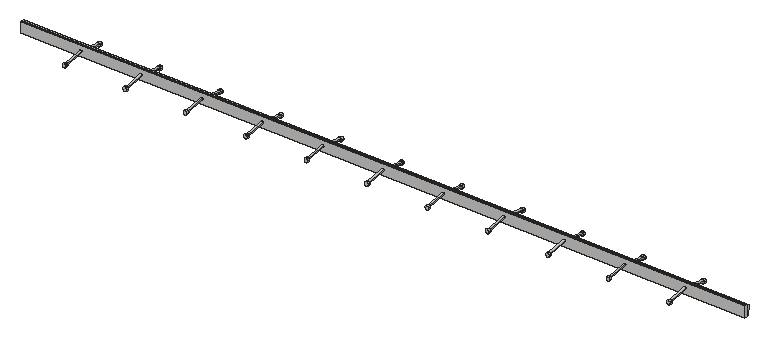
Revit family
Parameters (values of type "Armor-Edge® Joint Assembly")
  Width = 0' - 8 3/4"  # constant formula
  URL = "http://www.pna-inc.com"
  Type Comments = ""
  Product Page URL = "http://www.pna-inc.com/products/armor_edge/"
  Product Documentation Link = "http://www.pna-inc.com/products/armor_edge/PNA%20AE%20Joint%20Assembly%20Apr%2008.pdf"
  Number of Studs [instance] = 11
  Model = "Armor-Edge® Joint Assembly"
  Material = Metal - PNA - Steel
  Manufacturer = "PNA Construction Technologies Inc. "
  Length [instance] = 12' - 0"
  Height = 0' - 2"  # constant formula
  Description = "Armor-Edge® Joint Assembly"
  Assembly Code = "B1010300"
Reference planes (in)
  plane 1 "Center (Front/Back)": y = 0
  plane 2: z = 0
  plane 3 "Center (Left/Right)": x = 0
  plane 4: x = -72
  plane 5: x = 72
  plane 6: y = 4.375
  plane 7: y = -4.375
  plane 8: z = -2
Forms (in)
  Extrusion 1, solid, detail levels coarse
    sketch origin (0, 0, 0) x (1, 0, 0) y (0, 1, 0)
      loop
        line (-72, -4.375) -> (72, -4.375) -> (72, 4.375) -> (-72, 4.375) -> (-72, -4.375)
    from -2 to 0
Lines and regions (in)
  Masking region 1, detail levels coarse
    outline origin (0, 0, 0) x (1, 0, 0) y (0, 1, 0)
      loop
        line (-72, -4.375) -> (72, -4.375) -> (72, 4.375) -> (-72, 4.375) -> (-72, -4.375)
  Masking region 2, detail levels coarse
    outline origin (0, 0, 0) x (1, 0, 0) y (0, 0, 1)
      loop
        line (-72, -2) -> (72, -2) -> (72, 0) -> (-72, 0) -> (-72, -2)
  Masking region 3, detail levels coarse
    outline origin (0, 0, 0) x (0, 1, 0) y (0, 0, 1)
      loop
        line (-4.375, -2) -> (4.375, -2) -> (4.375, 0) -> (-4.375, 0) -> (-4.375, -2)
Dimensions and locks (in)
  "Length": plane 4 to plane 5
  equal spacing: plane 4, plane 3 "Center (Left/Right)", plane 5
  equal spacing: plane 6, plane 1 "Center (Front/Back)", plane 7
  "Width": plane 7 to plane 6
  "Height": plane 2 to plane 8
  aligned and locked: plane 3 "Center (Left/Right)" to nested 1
  aligned and locked: plane 2 to nested 1
  aligned and locked: nested 2 to plane 3 "Center (Left/Right)"
  aligned and locked: nested 2 to plane 2
  aligned and locked: plane 1 "Center (Front/Back)" to nested 2
  aligned and locked: plane 1 "Center (Front/Back)" to nested 1
  aligned and locked: Extrusion 1 sketch curve to plane 4
  aligned and locked: Extrusion 1 sketch curve to plane 6
  aligned and locked: plane 7 to Extrusion 1 sketch curve
  aligned and locked: plane 5 to Extrusion 1 sketch curve
  aligned and locked: plane 8 to Extrusion 1
  aligned and locked: plane 2 to Extrusion 1
  aligned and locked: Masking region 1 sketch curve to plane 4
  aligned and locked: Masking region 1 sketch curve to plane 6
  aligned and locked: plane 7 to Masking region 1 sketch curve
  aligned and locked: plane 5 to Masking region 1 sketch curve
  aligned and locked: Masking region 2 sketch curve to plane 4
  aligned and locked: Masking region 2 sketch curve to plane 2
  aligned and locked: Masking region 2 sketch curve to plane 8
  aligned and locked: plane 5 to Masking region 2 sketch curve
  aligned and locked: plane 8 to Masking region 3 sketch curve
  aligned and locked: plane 6 to Masking region 3 sketch curve
  aligned and locked: Masking region 3 sketch curve to plane 7
  aligned and locked: plane 2 to Masking region 3 sketch curve
Nested families (in)
  nested 1: "AE Beam" at (0, 0, 0), Number of Studs <- "Number of Studs", Length <- "Length", type "Beam"
    with Stud Array Visible yes, Solo Stud Visible no, Number of Studs 11, Length 12' - 0", Actual Number of Studs 11
  nested 2: "AE Beam" at (0, 0, 0), Number of Studs <- "Number of Studs", Length <- "Length", type "Beam"
    with Stud Array Visible yes, Solo Stud Visible no, Number of Studs 11, Length 12' - 0", Actual Number of Studs 11
Definition of nested family "AE Beam"
  Parameters (values of type "Beam")
    URL = ""
    Type Comments = ""
    Stud Spacing = 1' - 0"  # constant formula
    Stud Array Visible [instance] = Number of Studs > 1  # yes
    Solo Stud Visible [instance] = not(Stud Array Visible)  # no
    Material = Metal - PNA - Steel
    Number of Studs [instance] = 4
    Model = ""
    Manufacturer = ""
    Length [instance] = 12' - 0"
    Description = ""
    Assembly Code = ""
    Actual Number of Studs [instance] = if(Number of Studs > 11, 11, if(Number of Studs < 2, 2, Number of Studs))  # 4
  Reference planes (in)
    plane 1 "Center (Front/Back)": y = 0
    plane 2: z = 0
    plane 3 "Center (Left/Right)": x = 0
    plane 4: x = -60
    plane 5: x = -72
    plane 6: x = 72
    plane 7: z = -2
    plane 8: y = -0.375
    plane 9: z = -1
    plane 10: y = -4.375
  Forms (in)
    Extrusion 1, solid, material "Metal - PNA - Steel" <- "Material", detail levels medium+fine
      sketch origin (-18, 0, 0) x (1, 0, 0) y (0, 0, 1)
        loop
          line (-54, 0) -> (-54, -2) -> (90, -2) -> (90, 0) -> (-54, 0)
      from 0 to 0.375
  Lines and regions (in)
    Masking region 1
      outline origin (0, 0, 0) x (1, 0, 0) y (0, 0, 1)
        loop
          line (-72, -2) -> (72, -2) -> (72, 0) -> (-72, 0) -> (-72, -2)
    Masking region 2, detail levels medium+fine
      outline origin (0, 0, 0) x (0, 1, 0) y (0, 0, 1)
        loop
          line (0, -2) -> (0, 0) -> (-0.375, 0) -> (-0.375, -0.79979) -> (-4.375, -1.61335) -> (-4.375, -1.98835) -> (-0.375, -1.17479) -> (-0.375, -2) -> (0, -2)
    Masking region 3, detail levels medium+fine
      outline origin (0, 0, 0) x (1, 0, 0) y (0, 1, 0)
        loop
          line (-72, -0.375) -> (72, -0.375) -> (72, 0) -> (-72, 0) -> (-72, -0.375)
    symbolic lines, detail levels fine
      curve 1: line (0, -0.375, 0) -> (0, -0.375, -2)
  Dimensions and locks (in)
    "Length": plane 5 to plane 6
    locked: plane 2 to plane 7 at 2
    locked: plane 8 to plane 1 "Center (Front/Back)" at 0.375
    locked: plane 5 to plane 4 at 12
    equal spacing: plane 5, plane 3 "Center (Left/Right)", plane 6
    equal spacing: plane 2, plane 9, plane 7
    equal spacing: group 1, group 2, group 3, group 4  (x3)
    "Stud Spacing": plane 4 to nested 2
    locked: plane 10 to plane 8 at 4
    aligned and locked: plane 6 to Extrusion 1
    aligned and locked: plane 5 to Extrusion 1
    aligned and locked: level to Extrusion 1
    aligned and locked: plane 7 to Extrusion 1
    aligned and locked: plane 8 to Extrusion 1
    aligned and locked: Extrusion 1 to plane 1 "Center (Front/Back)"
    aligned and locked: nested 1 to plane 4
    aligned and locked: nested 1 to plane 9
    aligned and locked: plane 8 to nested 1
    aligned and locked: nested 2 to plane 9
    aligned and locked: nested 3 to plane 4
    aligned and locked: plane 8 to nested 3
    aligned and locked: nested 3 to plane 9
    aligned and locked: Masking region 1 sketch curve to plane 5
    aligned and locked: Masking region 1 sketch curve to plane 2
    aligned and locked: Masking region 1 sketch curve to plane 7
    aligned and locked: plane 6 to Masking region 1 sketch curve
    aligned and locked: Masking region 2 sketch curve to Extrusion 1  (x2)
    aligned and locked: level to Masking region 2 sketch curve
    aligned and locked: Masking region 2 sketch curve to nested 3  (x2)
    aligned and locked: Extrusion 1 to Masking region 2 sketch curve
    aligned and locked: nested 3 to Masking region 2 sketch curve
    aligned and locked: Masking region 3 sketch curve to Extrusion 1  (x4)
    aligned and locked: curve 1 to plane 8
    aligned and locked: plane 7 to curve 1
    aligned and locked: plane 2 to curve 1
  Automatic sketch dimensions
    Extrusion 1 sketch curve to level = 0' - 0"
    Extrusion 1 sketch curve to Extrusion 1 sketch curve = 0' - 2"
    plane 4 to Extrusion 1 sketch curve = 1' - 0"
    Extrusion 1 sketch curve to plane 6 = 0' - 0"
    Masking region 2 sketch curve to plane 8 = 0' - 0"
  Nested families (in)
    nested 1: "AE Stud" at (-60, -0.375, -1), visible <- "Stud Array Visible", type "AE Stud"
      with Stud Length 0' - 4"
    nested 2: "AE Stud" at (-48, -0.375, -1), visible <- "Stud Array Visible", type "AE Stud"
      with Stud Length 0' - 4"
    nested 3: "AE Stud-Solo" at (-60, -0.375, -1), visible <- "Solo Stud Visible", type "AE Stud-Solo"
      with Stud Length 0' - 4"
    nested 4: "AE Stud" at (-36, -0.375, -1), visible <- "Stud Array Visible", type "AE Stud"
      with Stud Length 0' - 4"
    nested 5: "AE Stud" at (-24, -0.375, -1), visible <- "Stud Array Visible", type "AE Stud"
      with Stud Length 0' - 4"
  Definition of nested family "AE Stud"
    Parameters (values of type "AE Stud")
      Stud Material = Metal - PNA - Steel
      Stud Length [instance] = 0' - 4"
      Assembly Code = ""
    Reference planes (in)
      plane 1 "Center (Front/Back)": y = 0
      plane 2: z = 0
      plane 3 "Center (Left/Right)": x = 0
      plane 4: x = 0.1875
      plane 5: x = -0.1875
      plane 6: z = -0.75
      plane 7: y = -3.75
      plane 8 "Face of Stud Head": y = -4
      plane 9: x = -0.375
      plane 10: x = 0.375
      plane 11: y = -0.0625
      plane 12: through (0, -0.0625, 0.1875) normal (0, -0.1993, 0.9799)
      plane 13: through (0, -0.0625, -0.1875) normal (0, -0.1993, 0.9799)
    Forms (in)
      Blend 1, solid, material "Metal - PNA - Steel" <- "Stud Material", detail levels medium+fine
        base sketch origin (66.13572, 0.375, 2) x (1, 0, 0) y (0, 0, 1)
          loop
            circle (-66.13572, -2) r 0.1875
        top sketch origin (66.13572, 0.375, 2) x (1, 0, 0) y (0, 0, 1)
          loop
            circle (-66.13572, -2.75) r 0.1875
        from 0.4375 to 4.125
      Extrusion 2, solid, material "Metal - PNA - Steel" <- "Stud Material", detail levels medium+fine
        sketch origin (66.13572, 0.375, 3.81237) x (1, 0, 0) y (0, 0, 1)
          loop
            circle (-66.13572, -4.56237) r 0.375
        from 4.125 to 4.375
      Extrusion 3, solid, material "Metal - PNA - Steel" <- "Stud Material", detail levels medium+fine
        sketch origin (0, 0, 0) x (1, 0, 0) y (0, 0, 1)
          loop
            circle (0, 0) r 0.1875
        from 0 to 0.0625
    Cuts and joins
      joined: Blend 1, Extrusion 2, Extrusion 3
    Lines and regions (in)
      Masking region 1, detail levels medium+fine
        outline origin (0, 0, 0) x (1, 0, 0) y (0, 1, 0)
          loop
            line (-0.375, -4) -> (0.375, -4) -> (0.375, -3.75) -> (0.1875, -3.75) -> (0.1875, 0) -> (-0.1875, 0) -> (-0.1875, -3.75) -> (-0.375, -3.75) -> (-0.375, -4)
      Masking region 2, detail levels medium+fine
        outline origin (0, 0, 0) x (0, 1, 0) y (0, 0, 1)
          loop
            line (0, 0.20021) -> (-3.75, -0.5625) -> (-3.75, -0.375) -> (-4, -0.375) -> (-4, -1.125) -> (-3.75, -1.125) -> (-3.75, -0.9375) -> (0, -0.17479) -> (0, 0.20021)
      Masking region 3, detail levels medium+fine
        outline origin (0, -4, 0) x (0, 0, -1) y (-1, 0, 0)
          loop
            line (0.42524, 0.1875) -> (0, 0.1875)
            arc (0, 0.1875) -> (-0.1875, 0) -> (0, -0.1875) r 0.1875
            line (0, -0.1875) -> (0.42524, -0.1875)
            arc (0.42524, -0.1875) -> (0.5625, -0.32476) -> (0.75, -0.375) r 0.375
            arc (0.75, -0.375) -> (1.125, 0) -> (0.75, 0.375) r 0.375
            arc (0.75, 0.375) -> (0.5625, 0.32476) -> (0.42524, 0.1875) r 0.375
      symbolic lines, detail levels fine
        curve 1: arc (0.375, -4, -0.75) -> (0, -4, -0.375) -> (-0.375, -4, -0.75) r 0.375
    Dimensions and locks (in)
      plane 9 to plane 5 to plane 3 "Center (Left/Right)" to plane 4 to plane 10 = 0' - 0 3/16" locked, 0' - 0 3/16" locked, 0' - 0 3/16" locked, 0' - 0 3/16" locked
      locked: plane 1 "Center (Front/Back)" to plane 11 at 0.0625
      locked: plane 1 "Center (Front/Back)" to plane 8 "Face of Stud Head" at 4
      locked: plane 7 to plane 8 "Face of Stud Head" at 0.25
      aligned and locked: Extrusion 2 to Blend 1
      aligned and locked: Extrusion 2 to plane 8 "Face of Stud Head"
      aligned and locked: plane 7 to Extrusion 2
      aligned: Blend 1 to plane 1 "Center (Front/Back)"
      aligned and locked: plane 6 to Extrusion 2 sketch curve
      aligned and locked: plane 10 to Extrusion 2 sketch curve
      aligned and locked: plane 2 to Extrusion 3 sketch curve
      aligned and locked: plane 4 to Extrusion 3 sketch curve
      aligned and locked: Blend 1 to Extrusion 3
      aligned and locked: Extrusion 3 to plane 1 "Center (Front/Back)"
      aligned and locked: Extrusion 3 to plane 11
      aligned and locked: plane 2 to Blend 1 sketch curve
      aligned and locked: plane 4 to Blend 1 sketch curve
      aligned and locked: Masking region 1 sketch curve to plane 9
      aligned and locked: Masking region 1 sketch curve to plane 7  (x2)
      aligned and locked: Masking region 1 sketch curve to plane 5
      aligned and locked: Masking region 1 sketch curve to plane 1 "Center (Front/Back)"
      aligned and locked: plane 4 to Masking region 1 sketch curve
      aligned and locked: Masking region 1 sketch curve to plane 8 "Face of Stud Head"
      aligned and locked: plane 10 to Masking region 1 sketch curve
      aligned and locked: plane 1 "Center (Front/Back)" to Masking region 2 sketch curve
      aligned and locked: plane 12 to Masking region 2 sketch curve
      aligned and locked: plane 13 to Masking region 2 sketch curve
      aligned and locked: plane 8 "Face of Stud Head" to Masking region 2 sketch curve
      aligned and locked: plane 7 to Masking region 2 sketch curve  (x2)
      aligned and locked: Masking region 3 sketch curve to plane 5
      aligned and locked: Masking region 3 sketch curve to cut or joined group of Blend 1, Extrusion 2, Extrusion 3  (x4)
      aligned and locked: plane 4 to Masking region 3 sketch curve
      aligned and locked: curve 1 to cut or joined group of Blend 1, Extrusion 2, Extrusion 3
  Definition of nested family "AE Stud-Solo"
    Parameters (values of type "AE Stud-Solo")
      Stud Material = Metal - PNA - Steel
      Stud Length [instance] = 0' - 4"  # constant formula
      Assembly Code = ""
    Reference planes (in)
      plane 1 "Center (Front/Back)": y = 0
      plane 2: z = 0
      plane 3 "Center (Left/Right)": x = 0
      plane 4: x = 0.1875
      plane 5: x = -0.1875
      plane 6: z = -0.75
      plane 7: y = -3.75
      plane 8: y = -4
      plane 9: x = -0.375
      plane 10: x = 0.375
      plane 11: y = -0.0625
      plane 12: through (0, -0.0625, 0.1875) normal (0, -0.1993, 0.9799)
      plane 13: through (0, -0.0625, -0.1875) normal (0, -0.1993, 0.9799)
    Forms (in)
      Blend 1, solid, material "Metal - PNA - Steel" <- "Stud Material", detail levels medium+fine
        base sketch origin (66.13572, 0.375, 2) x (1, 0, 0) y (0, 0, 1)
          loop
            circle (-66.13572, -2) r 0.1875
        top sketch origin (66.13572, 0.375, 2) x (1, 0, 0) y (0, 0, 1)
          loop
            circle (-66.13572, -2.75) r 0.1875
        from 0.4375 to 4.125
      Extrusion 2, solid, material "Metal - PNA - Steel" <- "Stud Material", detail levels medium+fine
        sketch origin (66.13572, 0.375, 3.81237) x (1, 0, 0) y (0, 0, 1)
          loop
            circle (-66.13572, -4.56237) r 0.375
        from 4.125 to 4.375
      Extrusion 3, solid, material "Metal - PNA - Steel" <- "Stud Material", detail levels medium+fine
        sketch origin (0, 0, 0) x (1, 0, 0) y (0, 0, 1)
          loop
            circle (0, 0) r 0.1875
        from 0 to 0.0625
    Cuts and joins
      joined: Blend 1, Extrusion 2, Extrusion 3
    Lines and regions (in)
      Masking region 1, detail levels medium+fine
        outline origin (0, 0, 0) x (1, 0, 0) y (0, 1, 0)
          loop
            line (-0.375, -4) -> (0.375, -4) -> (0.375, -3.75) -> (0.1875, -3.75) -> (0.1875, 0) -> (-0.1875, 0) -> (-0.1875, -3.75) -> (-0.375, -3.75) -> (-0.375, -4)
      Masking region 2, detail levels medium+fine
        outline origin (0, 0, 0) x (0, 1, 0) y (0, 0, 1)
          loop
            line (0, 0.20021) -> (-3.75, -0.5625) -> (-3.75, -0.375) -> (-4, -0.375) -> (-4, -1.125) -> (-3.75, -1.125) -> (-3.75, -0.9375) -> (0, -0.17479) -> (0, 0.20021)
      Masking region 3, detail levels medium+fine
        outline origin (0, 0, 0) x (1, 0, 0) y (0, 0, 1)
          loop
            arc (-0.1875, -0.42524) -> (-0.32476, -0.5625) -> (-0.375, -0.75) r 0.375
            arc (-0.375, -0.75) -> (0, -1.125) -> (0.375, -0.75) r 0.375
            arc (0.375, -0.75) -> (0.32476, -0.5625) -> (0.1875, -0.42524) r 0.375
            line (0.1875, -0.42524) -> (0.1875, 0)
            arc (0.1875, 0) -> (0, 0.1875) -> (-0.1875, 0) r 0.1875
            line (-0.1875, 0) -> (-0.1875, -0.42524)
      symbolic lines, detail levels fine
        curve 1: arc (0.375, 0, -0.75) -> (0, 0, -0.375) -> (-0.375, 0, -0.75) r 0.375
      symbolic lines, detail levels medium+fine
        curve 2: arc (-0.375, 0, -0.75) -> (0, 0, -1.125) -> (0.375, 0, -0.75) r 0.375
    Dimensions and locks (in)
      plane 9 to plane 5 to plane 3 "Center (Left/Right)" to plane 4 to plane 10 = 0' - 0 3/16" locked, 0' - 0 3/16" locked, 0' - 0 3/16" locked, 0' - 0 3/16" locked
      locked: plane 1 "Center (Front/Back)" to plane 11 at 0.0625
      locked: plane 1 "Center (Front/Back)" to plane 8 at 4
      locked: plane 7 to plane 8 at 0.25
      aligned and locked: Extrusion 2 to Blend 1
      aligned and locked: Extrusion 2 to plane 8
      aligned and locked: plane 7 to Extrusion 2
      aligned: Blend 1 to plane 1 "Center (Front/Back)"
      aligned and locked: plane 6 to Extrusion 2 sketch curve
      aligned and locked: plane 10 to Extrusion 2 sketch curve
      aligned and locked: plane 2 to Extrusion 3 sketch curve
      aligned and locked: plane 4 to Extrusion 3 sketch curve
      aligned and locked: Blend 1 to Extrusion 3
      aligned and locked: Extrusion 3 to plane 1 "Center (Front/Back)"
      aligned and locked: Extrusion 3 to plane 11
      aligned and locked: plane 2 to Blend 1 sketch curve
      aligned and locked: plane 4 to Blend 1 sketch curve
      aligned and locked: Masking region 1 sketch curve to plane 9
      aligned and locked: Masking region 1 sketch curve to plane 7  (x2)
      aligned and locked: Masking region 1 sketch curve to plane 5
      aligned and locked: Masking region 1 sketch curve to plane 1 "Center (Front/Back)"
      aligned and locked: plane 4 to Masking region 1 sketch curve
      aligned and locked: Masking region 1 sketch curve to plane 8
      aligned and locked: plane 10 to Masking region 1 sketch curve
      aligned and locked: plane 1 "Center (Front/Back)" to Masking region 2 sketch curve
      aligned and locked: plane 12 to Masking region 2 sketch curve
      aligned and locked: plane 13 to Masking region 2 sketch curve
      aligned and locked: plane 8 to Masking region 2 sketch curve
      aligned and locked: plane 7 to Masking region 2 sketch curve  (x2)
      aligned and locked: Masking region 3 sketch curve to plane 5
      aligned and locked: Masking region 3 sketch curve to cut or joined group of Blend 1, Extrusion 2, Extrusion 3  (x4)
      aligned and locked: plane 4 to Masking region 3 sketch curve
      aligned and locked: curve 1 to cut or joined group of Blend 1, Extrusion 2, Extrusion 3
      aligned and locked: plane 6 to curve 1  (x2)
      aligned and locked: curve 2 to cut or joined group of Blend 1, Extrusion 2, Extrusion 3
